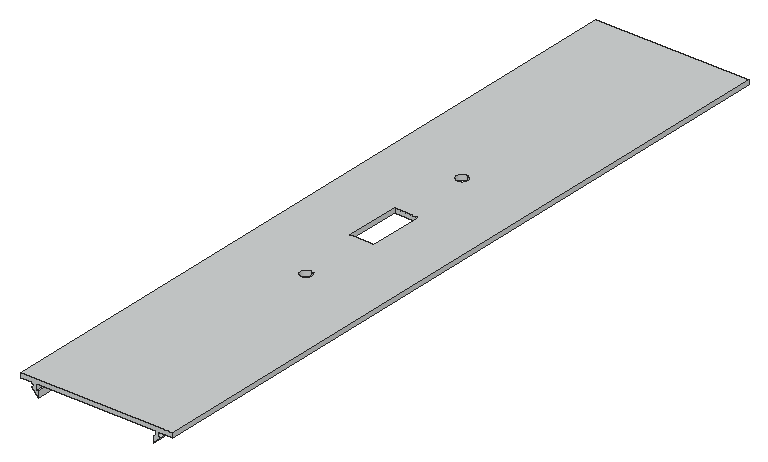
Revit family "Specialty_Equipment-Metal_Raceway-Hubbell_Wiring-Toggle_Switch_Cover-HBLALU57N", category Specialty Equipment, host Face, Revit 2015
Parameters
  URL = "http://www.hubbell-wiring.com/"
  Product data url = "https://bimobject.com/hubbellwiring/product/hubbell-metal-raceway-alu5000"
  Product Page URL = "http://ecatalog.hubbell-wiring.com/ProductInformation/ViewCatalog.aspx?Dest=hubbell-wiring.com/press/catalog/r.pdf"
  Product Documentation Link = "http://www.hubbell-wiring.com/press/pdfs/h5233r08.pdf"
  Model = "HBLALU57N"  # constant formula
  Manufacturer = "Hubbell Wiring Device Kellems"  # constant formula
  Host Note = "Add in Section View; Host to Wall"  # constant formula
  Description = "Toggle Switch Cover"  # constant formula
  Default Elevation = 48.00"
  Cable Tray Material = Metal-Hubbell-Aluminium
  B = 12.00"
  Assembly Code = "D5090900"
  A = 2.54"
Reference planes (in)
  plane 1 "Center (Front/Back)": y = 0
  plane 2: z = 0
  plane 3 "Center (Left/Right)": x = 0
  plane 4: z = 1.585
  plane 5: y = 6
  plane 6: y = -6
  plane 7: x = -1.27
  plane 8: x = 1.27
  plane 9: y = 1.625
  plane 10: y = -1.625
Forms (in)
  Extrusion 1, void, detail levels medium+fine
    sketch origin (1.49625, 0, 2.17481) x (0, -1, 0) y (-1, 0, 0)
      loop
        circle (1.625, 1.49625) r 0.1
      loop
        line (0.465, 1.29325) -> (0.465, 1.69925) -> (-0.465, 1.69925) -> (-0.465, 1.29325) -> (0.465, 1.29325)
      loop
        circle (-1.625, 1.49625) r 0.1
    from 0.515 to 0.58981
  Extrusion 2, solid, material "Metal-Hubbell-Aluminium" <- "Cable Tray Material"
    sketch origin (0, 0, 0) x (1, 0, 0) y (0, 0, 1)
      loop
        line (-1.27, 1.65981) -> (-1.27, 1.585) -> (-1.08047, 1.585)
        arc (-1.08047, 1.585) -> (-1.04559, 1.55149) -> (-1.07767, 1.51529) r 0.03491
        line (-1.07767, 1.51529) -> (-0.9637, 1.40132) -> (-0.9637, 1.5052) -> (-0.99569, 1.5052) -> (-0.99569, 1.585) -> (0.98819, 1.585) -> (0.98819, 1.5052) -> (0.9562, 1.5052) -> (0.9562, 1.40132) -> (1.07017, 1.51529)
        arc (1.07017, 1.51529) -> (1.03809, 1.55149) -> (1.07298, 1.585) r 0.03491
        line (1.07298, 1.585) -> (1.27, 1.585) -> (1.27, 1.65981) -> (-1.27, 1.65981)
    from -6 to 6
Cuts and joins
  Extrusion 1 cuts Extrusion 2
Lines and regions (in)
  reference lines
    curve 1: line (-0.203, -0.465, 1.585) -> (0.203, -0.465, 1.585)
    curve 2: line (-0.203, 0.465, 1.585) -> (-0.203, -0.465, 1.585)
    curve 3: line (0.203, 0.465, 1.585) -> (-0.203, 0.465, 1.585)
    curve 4: line (0.203, -0.465, 1.585) -> (0.203, 0.465, 1.585)
    curve 5: circle (0, 1.625, 1.585) r 0.1 normal (0, 0, 1)
    curve 6: circle (0, -1.625, 1.585) r 0.1 normal (0, 0, 1)
    curve 7: line (-1.27, 0, 1.65981) -> (-1.27, 0, 1.585)
    curve 8: line (1.27, 0, 1.65981) -> (-1.27, 0, 1.65981)
    curve 9: line (1.27, 0, 1.585) -> (1.27, 0, 1.65981)
    curve 10: line (1.07298, 0, 1.585) -> (1.27, 0, 1.585)
    curve 11: arc (1.07017, 0, 1.51529) -> (1.03809, 0, 1.55149) -> (1.07298, 0, 1.585) r 0.03491
    curve 12: line (0.9562, 0, 1.40132) -> (1.07017, 0, 1.51529)
    curve 13: line (0.9562, 0, 1.5052) -> (0.9562, 0, 1.40132)
    curve 14: line (0.98819, 0, 1.5052) -> (0.9562, 0, 1.5052)
    curve 15: line (0.98819, 0, 1.585) -> (0.98819, 0, 1.5052)
    curve 16: line (-0.99569, 0, 1.585) -> (0.98819, 0, 1.585)
    curve 17: line (-0.99569, 0, 1.5052) -> (-0.99569, 0, 1.585)
    curve 18: line (-0.9637, 0, 1.5052) -> (-0.99569, 0, 1.5052)
    curve 19: line (-0.9637, 0, 1.40132) -> (-0.9637, 0, 1.5052)
    curve 20: line (-1.07767, 0, 1.51529) -> (-0.9637, 0, 1.40132)
    curve 21: arc (-1.08047, 0, 1.585) -> (-1.04559, 0, 1.55149) -> (-1.07767, 0, 1.51529) r 0.03491
    curve 22: line (-1.27, 0, 1.585) -> (-1.08047, 0, 1.585)
  symbolic lines
    curve 23: line (0, 6, 1.585) -> (0, -6, 1.585)
    curve 24: line (0, 6, 1.65981) -> (0, 6, 1.585)
    curve 25: line (0, -6, 1.65981) -> (0, 6, 1.65981)
    curve 26: line (0, -6, 1.585) -> (0, -6, 1.65981)
    curve 27: line (-1.27, 6, 0) -> (-1.27, -6, 0)
    curve 28: line (-1.27, -6, 0) -> (1.27, -6, 0)
    curve 29: line (1.27, -6, 0) -> (1.27, 6, 0)
    curve 30: line (1.27, 6, 0) -> (-1.27, 6, 0)
    curve 31: line (-0.203, 0.465, 0) -> (0.203, 0.465, 0)
    curve 32: line (0.203, 0.465, 0) -> (0.203, -0.465, 0)
    curve 33: line (0.203, -0.465, 0) -> (-0.203, -0.465, 0)
    curve 34: line (-0.203, -0.465, 0) -> (-0.203, 0.465, 0)
    curve 35: arc (0, 1.725, 0) -> (0.1, 1.625, 0) -> (0, 1.525, 0) r 0.1
    curve 36: arc (0, 1.525, 0) -> (-0.1, 1.625, 0) -> (0, 1.725, 0) r 0.1
    curve 37: arc (0, -1.725, 0) -> (-0.1, -1.625, 0) -> (0, -1.525, 0) r 0.1
    curve 38: arc (0, -1.525, 0) -> (0.1, -1.625, 0) -> (0, -1.725, 0) r 0.1
    curve 39: line (1.27, 0, 1.585) -> (-1.27, 0, 1.585)
    curve 40: line (1.27, 0, 1.65981) -> (1.27, 0, 1.585)
    curve 41: line (-1.27, 0, 1.65981) -> (1.27, 0, 1.65981)
    curve 42: line (-1.27, 0, 1.585) -> (-1.27, 0, 1.65981)
Dimensions and locks (in)
  equal spacing: plane 5, plane 1 "Center (Front/Back)", plane 6
  "B": plane 5 to plane 6
  "A": plane 7 to plane 8
  equal spacing: plane 9, plane 1 "Center (Front/Back)", plane 10, locked at 1.625 each
  equal spacing: curve 3, plane 1 "Center (Front/Back)", curve 1, locked at 0.465 each
  equal spacing: curve 2, plane 3 "Center (Left/Right)", curve 4, locked at 0.203 each
  plane 4 to host face = 1.585"
  plane 7 to plane 3 "Center (Left/Right)" to plane 8 = 1.27", 1.27"
  equal spacing: plane 7, plane 3 "Center (Left/Right)", plane 8
  aligned and locked: plane 2 to host face
  aligned and locked: level to host face
  aligned and locked: Extrusion 1 sketch curve to curve 6
  aligned and locked: Extrusion 1 sketch curve to curve 4
  aligned and locked: Extrusion 1 sketch curve to curve 3
  aligned and locked: Extrusion 1 sketch curve to curve 2
  aligned and locked: Extrusion 1 sketch curve to curve 1
  aligned and locked: Extrusion 1 sketch curve to curve 5
  aligned and locked: Extrusion 2 sketch curve to curve 7
  aligned and locked: Extrusion 2 sketch curve to curve 8
  aligned and locked: Extrusion 2 sketch curve to curve 9
  aligned and locked: Extrusion 2 sketch curve to curve 11
  aligned and locked: Extrusion 2 sketch curve to curve 12
  aligned and locked: Extrusion 2 sketch curve to curve 13
  aligned and locked: Extrusion 2 sketch curve to curve 14
  aligned and locked: Extrusion 2 sketch curve to curve 15
  aligned and locked: Extrusion 2 sketch curve to curve 16
  aligned and locked: Extrusion 2 sketch curve to curve 17
  aligned and locked: Extrusion 2 sketch curve to curve 18
  aligned and locked: Extrusion 2 sketch curve to curve 19
  aligned and locked: Extrusion 2 sketch curve to curve 20
  aligned and locked: Extrusion 2 sketch curve to curve 21
  aligned and locked: Extrusion 2 sketch curve to curve 22
  aligned and locked: plane 5 to Extrusion 2
  aligned and locked: Extrusion 2 to plane 6
  aligned and locked: curve 27 to cut or joined group of Extrusion 1, Extrusion 2
  aligned and locked: curve 28 to cut or joined group of Extrusion 1, Extrusion 2
  aligned and locked: curve 29 to cut or joined group of Extrusion 1, Extrusion 2
  aligned and locked: curve 30 to cut or joined group of Extrusion 1, Extrusion 2
  aligned and locked: curve 31 to cut or joined group of Extrusion 1, Extrusion 2
  aligned and locked: curve 32 to cut or joined group of Extrusion 1, Extrusion 2
  aligned and locked: curve 33 to cut or joined group of Extrusion 1, Extrusion 2
  aligned and locked: curve 34 to cut or joined group of Extrusion 1, Extrusion 2
  aligned and locked: curve 35 to cut or joined group of Extrusion 1, Extrusion 2
  aligned and locked: curve 36 to cut or joined group of Extrusion 1, Extrusion 2
  aligned and locked: curve 37 to cut or joined group of Extrusion 1, Extrusion 2
  aligned and locked: curve 38 to cut or joined group of Extrusion 1, Extrusion 2
  aligned and locked: curve 39 to cut or joined group of Extrusion 1, Extrusion 2
  aligned and locked: curve 40 to cut or joined group of Extrusion 1, Extrusion 2
  aligned and locked: curve 41 to cut or joined group of Extrusion 1, Extrusion 2
  aligned and locked: curve 42 to cut or joined group of Extrusion 1, Extrusion 2
  aligned and locked: curve 25 to cut or joined group of Extrusion 1, Extrusion 2
  aligned and locked: Extrusion 1 to plane 4
  aligned and locked: curve 40 to Extrusion 1
Automatic sketch dimensions
  host sketch curve to host sketch curve = 96.00"  (x2)
  curve 6 to plane 3 "Center (Left/Right)" = 0.00"
  curve 5 to plane 3 "Center (Left/Right)" = 0.00"
  curve 5 to plane 9 = 0.00"
  curve 6 to plane 10 = 0.00"
  curve 7 to plane 4 = 0.00"
  curve 7 to plane 7 = 0.00"
  plane 8 to curve 8 = 0.00"
  plane 4 to curve 8 = 0.07481"
  curve 9 to plane 4 = 0.00"
  plane 8 to curve 10 = 0.19703"
  curve 11 to curve 11 = 0.00281"
  curve 11 to plane 4 = 0.03491"
  curve 12 to curve 12 = 0.11397"  (x2)
  curve 13 to plane 4 = 0.0798"
  curve 13 to curve 14 = 0.03199"
  curve 15 to plane 4 = 0.00"
  plane 7 to curve 16 = 0.27431"
  curve 17 to plane 4 = 0.0798"
  curve 17 to curve 18 = 0.03199"
  curve 19 to curve 19 = 0.10388"
  curve 20 to plane 4 = 0.06971"
  curve 20 to curve 17 = 0.08198"
  curve 21 to plane 4 = 0.03491"
  plane 3 "Center (Left/Right)" to curve 3 = 0.203"
  curve 4 to plane 1 "Center (Front/Back)" = 0.465"
  curve 23 to plane 4 = 0.00"
  curve 23 to plane 6 = 0.00"
  curve 25 to plane 5 = 0.00"
  radius of curve 5 = 0.10"
  radius of curve 6 = 0.10"
